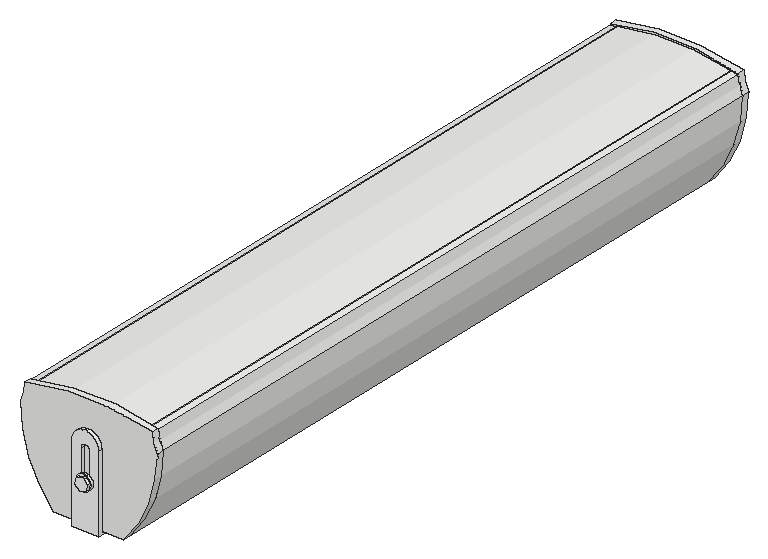
Revit family "Electronics_Desono_Biamp_Two-Way-Column-Loudspeaker_COLW41", category Communication Devices, host Face, Revit 2020
Family settings
  Host = Face
  Maintain Annotation Orientation = No
  Round Connector Dimension = Use Diameter
  Part Type = Normal
  OmniClass Number = 23.85.10.11.14.14.14
  OmniClass Title = Loudspeakers
  Cut with Voids When Loaded = No
  Shared = No
  Room Calculation Point = No
Parameters (values of type "COLW41")
  Width = 0' - 3.93701"  # constant formula
  Weight = 8.59803 lbf  # constant formula
  URL = "https://www.biamp.com/"
  Transformer = "70V: 40W, 20W, 15W, 7.5W; 100V: 40W, 30W, 15W"  # constant formula
  Transducers = "LF 4 x 3.3 (84 mm) coated paper cone HF 1 x 1 (25 mm) soft dome"  # constant formula
  Shipping Weight = 9.20 lbf  # constant formula
  Rotate angle [instance] = 0.00°
  Recommended Amplifers = "40W - 80W @ 16Ω (25V - 36V)"  # constant formula
  Product data url = "https://www.bimobject.com/biamp/product/colw41_desono-column"
  Product Page URL = "https://www.biamp.com/products/product-families/desono/column-loudspeakers#colw41"
  Product Documentation Link = "https://downloads.biamp.com/assets/docs/default-source/data-sheets/biamp_data_sheet_desono_colw41_jun21.pdf"
  Operating Range (-10dB) = "155 Hz to 16 kHz"  # constant formula
  Operating Mode = "Passive"  # constant formula
  Operating Environment = "Indoor/Outdoor"  # constant formula
  Offset [instance] = 0' - 0"
  Nominal Sensitivity @ 1m = "1W - 94dB; 2.83V - 91dB"  # constant formula
  Nominal Maximum SPL @ 1m = "Peak - 116dB; Continuous - 110dB"  # constant formula
  Nominal Beamwidth (H x V) = "100° x 15°"  # constant formula
  Nom rotate angle [instance] = if(and(Nom offset = 0' 0", Rotate angle = 0.00°), 0.00°, if(and(Nom offset = 0' 0.03937", or(Rotate angle < -5.00°, Rotate angle = -5.00°)), -5.00°, if(and(Nom offset = 0' 0.03937", and(Rotate angle > -5.00°, Rotate angle < 5.00°)), Rotate angle, if(and(Nom offset = 0' 0.03937", or(Rotate angle > 5.00°, Rotate angle = 5.00°)), 5.00°, if(and(and(Nom offset > 0' 0.03937", Nom offset < 0' 0.15748"), or(Rotate angle < -10.00°, Rotate angle = -10.00°)), -10.00°, if(and(and(Nom offset > 0' 0.03937", Nom offset < 0' 0.15748"), and(Rotate angle > -10.00°, Rotate angle < 10.00°)), Rotate angle, if(and(and(Nom offset > 0' 0.03937", Nom offset < 0' 0.15748"), or(Rotate angle > 10.00°, Rotate angle = 10.00°)), 10.00°, if(and(Nom offset = 0' 0.15748", or(Rotate angle < -15.00°, Rotate angle = -15.00°)), -15.00°, if(and(Nom offset = 0' 0.15748", and(Rotate angle > -15.00°, Rotate angle < 15.00°)), Rotate angle, if(and(Nom offset = 0' 0.15748", or(Rotate angle > 15.00°, Rotate angle = 15.00°)), 15.00°, if(and(and(Nom offset > 0' 0.15748", Nom offset < 0' 0.31496"), or(Rotate angle < -20.00°, Rotate angle = -20.00°)), -20.00°, if(and(and(Nom offset > 0' 0.15748", Nom offset < 0' 0.31496"), and(Rotate angle > -20.00°, Rotate angle < 20.00°)), Rotate angle, if(and(and(Nom offset > 0' 0.15748", Nom offset < 0' 0.31496"), or(Rotate angle > 20.00°, Rotate angle = 20.00°)), 20.00°, if(and(Nom offset = 0' 0.31496", or(Rotate angle < -25.00°, Rotate angle = -25.00°)), -25.00°, if(and(Nom offset = 0' 0.31496", and(Rotate angle > -25.00°, Rotate angle < 25.00°)), Rotate angle, if(and(Nom offset = 0' 0.31496", or(Rotate angle > 25.00°, Rotate angle = 25.00°)), 25.00°, if(and(Nom offset = 0' 0.35433", or(Rotate angle < -60.00°, Rotate angle = -60.00°)), -60.00°, if(and(Nom offset = 0' 0.35433", and(Rotate angle > -60.00°, Rotate angle < 60.00°)), Rotate angle, if(and(Nom offset = 0' 0.35433", or(Rotate angle > 60.00°, Rotate angle = 60.00°)), 60.00°, if(and(Nom offset = 0' 0.3937", or(Rotate angle < -65.00°, Rotate angle = -65.00°)), -65.00°, if(and(Nom offset = 0' 0.3937", and(Rotate angle > -65.00°, Rotate angle < 65.00°)), Rotate angle, if(and(Nom offset = 0' 0.3937", or(Rotate angle > 65.00°, Rotate angle = 65.00°)), 65.00°, if(and(Nom offset = 0' 0.43307", or(Rotate angle < -70.00°, Rotate angle = -70.00°)), -70.00°, if(and(Nom offset = 0' 0.43307", and(Rotate angle > -70.00°, Rotate angle < 70.00°)), Rotate angle, if(and(Nom offset = 0' 0.43307", or(Rotate angle > 70.00°, Rotate angle = 70.00°)), 70.00°, if(and(Nom offset = 0' 0.47244", or(Rotate angle < -75.00°, Rotate angle = -75.00°)), -75.00°, if(and(Nom offset = 0' 0.47244", and(Rotate angle > -75.00°, Rotate angle < 75.00°)), Rotate angle, if(and(Nom offset = 0' 0.47244", or(Rotate angle > 75.00°, Rotate angle = 75.00°)), 75.00°, if(and(and(Nom offset > 0' 0.47244", Nom offset < 0' 0.59055"), or(Rotate angle < -80.00°, Rotate angle = -80.00°)), -80.00°, if(and(and(Nom offset > 0' 0.47244", Nom offset < 0' 0.59055"), and(Rotate angle > -80.00°, Rotate angle < 80.00°)), Rotate angle, if(and(and(Nom offset > 0' 0.47244", Nom offset < 0' 0.59055"), or(Rotate angle > 80.00°, Rotate angle = 80.00°)), 80.00°, if(and(and(Nom offset > 0' 0.55118", Nom offset < 0' 0.70866"), or(Rotate angle < -85.00°, Rotate angle = -85.00°)), -85.00°, if(and(and(Nom offset > 0' 0.55118", Nom offset < 0' 0.70866"), and(Rotate angle > -85.00°, Rotate angle < 85.00°)), Rotate angle, if(and(and(Nom offset > 0' 0.55118", Nom offset < 0' 0.70866"), or(Rotate angle > 85.00°, Rotate angle = 85.00°)), 85.00°, if(and(and(Nom offset > 0' 0.66929", Nom offset < 0' 0.81496"), or(Rotate angle < -90.00°, Rotate angle = -90.00°)), -90.00°, if(and(and(Nom offset > 0' 0.66929", Nom offset < 0' 0.81496"), and(Rotate angle > -90.00°, Rotate angle < 90.00°)), Rotate angle, if(and(and(Nom offset > 0' 0.66929", Nom offset < 0' 0.81496"), or(Rotate angle > 90.00°, Rotate angle = 90.00°)), 90.00°, 0.00°)))))))))))))))))))))))))))))))))))))  # 0.00°
  Nom offset [instance] = if(or(Offset < 0' 0", Offset = 0' 0"), 0' 0", if(and(Offset > 0' 0", Offset < 0' 0.81102"), Offset, if(or(Offset > 0' 0.81102", Offset = 0' 0.81102"), 0' 0.81102", 0' 0")))  # 0' - 0"
  Mounting Provisions = "Adjustable tilt L-bracket"  # constant formula
  Model = "COLW41"  # constant formula
  Manufacturer = "Biamp"  # constant formula
  Input Connection = "Multi-position pass-through, screw-down terminal block"  # constant formula
  Housing Material = Biamp - Plastic - White
  Height = 1' - 9.85039"  # constant formula
  Grill Material = Biamp - Plastic - White(Grid)
  Environmental = "IP66 per IEC 60529"  # constant formula
  Description = "Desono™ COLW41 Two-Way 4 x 3.3 Column Loudspeaker"  # constant formula
  Depth = 0' - 3.26772"  # constant formula
  Default Elevation = 4' - 0"
  Controls = "None; select transformer tap or low impedance input via terminal block wiring"  # constant formula
  Continuous Power Handling Nominal Impedance = "25V; 40W @ 16Ω (160W peak)"  # constant formula
  Connector Description = "Terminal block; Low impedance 16 ohms; 70V/100V operation"  # constant formula
  Bracket Material = Biamp - Metal - White
Reference planes (in)
  plane 1 "Center (Front/Back)": y = 0
  plane 2: z = 0
  plane 3 "Center (Left/Right)": x = 0
  plane 4: z = 1.28516
  plane 5: z = 1.28516
Forms (in)
  Sweep 1, solid, material "Biamp - Metal - White" <- "Bracket Material", detail levels coarse
    path origin (0, 0, 0) x (1, 0, 0) y (0, 1, 0)
      loop
        line (0.3937, 0) -> (-0.3937, 0)
    profile origin (0, 0, 0) x (0, -1, 0) y (0, 0, 1)
      loop
        line (-10.76772, 0) -> (-7.69685, 0) -> (-7.69685, 0.07874) -> (-10.68898, 0.07874) -> (-10.68898, 2.61565) -> (-10.76772, 2.61565) -> (-10.76772, 0)
      loop
        line (10.76772, 0) -> (10.76772, 2.61565) -> (10.68898, 2.61565) -> (10.68898, 0.07874) -> (7.69685, 0.07874) -> (7.69685, 0) -> (10.76772, 0)
  Sweep 2, solid, material "Biamp - Metal - White" <- "Bracket Material", detail levels medium+fine
    path origin (0, 0, 0) x (1, 0, 0) y (0, 1, 0)
      loop
        line (0.3937, 0) -> (-0.3937, 0)
    profile origin (0, 0, 0) x (0, -1, 0) y (0, 0, 1)
      loop
        line (-10.76772, 0) -> (-7.69685, 0) -> (-7.69685, 0.07874) -> (-10.68898, 0.07874) -> (-10.68898, 2.61565) -> (-10.76772, 2.61565) -> (-10.76772, 0)
      loop
        line (10.76772, 0) -> (10.76772, 2.61565) -> (10.68898, 2.61565) -> (10.68898, 0.07874) -> (7.69685, 0.07874) -> (7.69685, 0) -> (10.76772, 0)
  Sweep 3, void
    path origin (0, 0, 0) x (1, 0, 0) y (0, 1, 0)
      loop
        line (0, -14.38976) -> (0, 14.38976)
    profile origin (0, 0, 0) x (-1, 0, 0) y (0, 0, 1)
      loop
        line (0.3937, 2.22195) -> (0.7874, 2.73406) -> (-0.7874, 2.73406) -> (-0.3937, 2.22195)
        arc (-0.3937, 2.22195) -> (0, 2.61565) -> (0.3937, 2.22195) r 0.3937
  Sweep 4, void
    path origin (0, 0, 0) x (1, 0, 0) y (0, 1, 0)
      loop
        line (0, -14.38976) -> (0, 14.38976)
    profile origin (0, 0, 0) x (-1, 0, 0) y (0, 0, 1)
      loop
        line (0.11834, 1.25419) -> (0.11834, 2.12889)
        arc (0.11834, 2.12889) -> (0, 2.24723) -> (-0.11834, 2.12889) r 0.11834
        line (-0.11834, 2.12889) -> (-0.11834, 1.25419)
        arc (-0.11834, 1.25419) -> (0, 1.13584) -> (0.11834, 1.25419) r 0.11834
  Revolve 5, solid, material "Biamp - Metal - White" <- "Bracket Material"
    sketch origin (0, 0, 0) x (0, 1, 0) y (0, 0, 1)
      loop
        line (10.54829, 1.28516) -> (10.83465, 1.28516) -> (10.83465, 1.50524) -> (10.76772, 1.50524) -> (10.76772, 1.34602) -> (10.54829, 1.34602) -> (10.54829, 1.28516)
      loop
        line (-10.54829, 1.28516) -> (-10.54829, 1.34602) -> (-10.76772, 1.34602) -> (-10.76772, 1.50524) -> (-10.83465, 1.50524) -> (-10.83465, 1.28516) -> (-10.54829, 1.28516)
      axis (-10.83465, 1.28516) -> (10.83465, 1.28516)
    angle from 0 to 360
  Sweep 6, solid, material "Biamp - Metal - White" <- "Bracket Material", detail levels medium+fine
    path origin (0, 2.69685, 0) x (0, 1, 0) y (0, 0, 1)
      loop
        line (8.13779, 1.28516) -> (8.21091, 1.28516)
    profile origin (0, 10.8712, 1.28516) x (0, 0, 1) y (1, 0, 0)
      loop
        line (0.05002, 0.18667) -> (-0.13665, 0.13665) -> (-0.18667, -0.05002) -> (-0.05002, -0.18667) -> (0.13665, -0.13665) -> (0.18667, 0.05002) -> (0.05002, 0.18667)
  Sweep 7, solid, material "Biamp - Metal - White" <- "Bracket Material", detail levels medium+fine
    path origin (0, -2.69685, 0) x (0, -1, 0) y (0, 0, 1)
      loop
        line (8.13779, 1.28516) -> (8.21091, 1.28516)
    profile origin (0, -10.8712, 1.28516) x (0, 0, -1) y (1, 0, 0)
      loop
        line (-0.05002, 0.18667) -> (-0.18667, 0.05002) -> (-0.13665, -0.13665) -> (0.05002, -0.18667) -> (0.18667, -0.05002) -> (0.13665, 0.13665) -> (-0.05002, 0.18667)
Cuts and joins
  Sweep 3, Sweep 4 cuts Sweep 2
  Sweep 4 cuts Sweep 1
Lines and regions (in)
  Masking region 1
    outline origin (0, 0, 0) x (1, 0, 0) y (0, 0, 1)
      loop
        line (-0.3937, 0) -> (0.3937, 0) -> (0.3937, 2.22195)
        arc (0.3937, 2.22195) -> (0, 2.61565) -> (-0.3937, 2.22195) r 0.3937
        line (-0.3937, 2.22195) -> (-0.3937, 0)
      loop
        line (0.11834, 1.25419) -> (0.11834, 2.12889)
        arc (0.11834, 2.12889) -> (0, 2.24723) -> (-0.11834, 2.12889) r 0.11834
        line (-0.11834, 2.12889) -> (-0.11834, 1.25419)
        arc (-0.11834, 1.25419) -> (0, 1.13584) -> (0.11834, 1.25419) r 0.11834
  Masking region 2
    outline origin (0, 0, 0) x (1, 0, 0) y (0, 1, 0)
      loop
        line (-0.3937, 10.84646) -> (-0.3937, 7.77559) -> (0.3937, 7.77559) -> (0.3937, 10.84646) -> (-0.3937, 10.84646)
      loop
        line (-0.3937, -10.84646) -> (0.3937, -10.84646) -> (0.3937, -7.77559) -> (-0.3937, -7.77559) -> (-0.3937, -10.84646)
  Masking region 3
    outline origin (0, 0, 1.28516) x (0, 0, 1) y (-1, 0, 0)
      loop
        circle (0, 0) r 0.22008
  reference lines
    curve 1: line (0, 0, 1.28516) -> (0, 0, 4.82846)
  model lines
    curve 2: line (0, 0, 1.13584) -> (0, 0, 1.28516)
    curve 3: line (0, 0, 2.24723) -> (0, 0, 2.09792)
    curve 4: line (0, 0, 1.28516) -> (0, 0, 1.13584)
    curve 5: line (0, 0, 2.24723) -> (0, 0, 2.09792)
    curve 6: line (0, 0, 2.09792) -> (0, 0, 2.24723)
Dimensions and locks (in)
  Masking region 1 sketch curve to Masking region 1 sketch curve = 0' - 2.22195"
  plane 2 to Masking region 1 sketch curve = 0' - 1.25419"
  "Nom offset": plane 4 to plane 5
  "Nom rotate angle": angle curve 1 to plane 3 "Center (Left/Right)"
  aligned and locked: plane 2 to host face
  aligned and locked: level to host face
  aligned and locked: plane 3 "Center (Left/Right)" to curve 1
  aligned and locked: plane 4 to curve 1
  aligned and locked: Sweep 7 sketch curve to plane 4
Automatic sketch dimensions
  host sketch curve to host sketch curve = 8' - 0"  (x2)
  plane 1 "Center (Front/Back)" to Sweep 1 sketch curve = 0' - 0"
  Sweep 1 sketch curve to plane 3 "Center (Left/Right)" = 0' - 0.3937"
  plane 3 "Center (Left/Right)" to Sweep 1 sketch curve = 0' - 0.3937"
  Sweep 1 sketch curve to level = 0' - 0"  (x2)
  level to Sweep 1 sketch curve = 0' - 2.61565"
  profile plane to Sweep 1 sketch curve = 0' - 10.76772"
  Sweep 1 sketch curve to Sweep 1 sketch curve = 0' - 0.07874"  (x2)
  level to Sweep 1 sketch curve = 0' - 0.07874"  (x2)
  Sweep 1 sketch curve to Sweep 1 sketch curve = 0' - 2.99213"  (x2)
  Sweep 1 sketch curve to profile plane = 0' - 7.69685"
  Sweep 1 sketch curve to Sweep 1 sketch curve = 0' - 2.53691"
  plane 1 "Center (Front/Back)" to Sweep 2 sketch curve = 0' - 0"
  Sweep 2 sketch curve to plane 3 "Center (Left/Right)" = 0' - 0.3937"
  plane 3 "Center (Left/Right)" to Sweep 2 sketch curve = 0' - 0.3937"
  Sweep 2 sketch curve to level = 0' - 0"  (x2)
  level to Sweep 2 sketch curve = 0' - 2.61565"
  profile plane to Sweep 2 sketch curve = 0' - 10.76772"
  Sweep 2 sketch curve to Sweep 2 sketch curve = 0' - 0.07874"  (x2)
  level to Sweep 2 sketch curve = 0' - 0.07874"  (x2)
  Sweep 2 sketch curve to Sweep 2 sketch curve = 0' - 2.99213"  (x2)
  Sweep 2 sketch curve to profile plane = 0' - 7.69685"
  Sweep 2 sketch curve to Sweep 2 sketch curve = 0' - 2.53691"
  Sweep 3 sketch curve to profile plane = 0' - 0"
  profile plane to Sweep 3 sketch curve = 0' - 0.3937"
  Sweep 3 sketch curve to Sweep 3 sketch curve = 0' - 0.3937"  (x2)
  level to Sweep 3 sketch curve = 0' - 2.22195"
  Sweep 3 sketch curve to Sweep 3 sketch curve = 0' - 0.51211"
  Sweep 4 sketch curve to plane 3 "Center (Left/Right)" = 0' - 0"
  plane 1 "Center (Front/Back)" to Sweep 4 sketch curve = 1' - 2.38976"
  Sweep 4 sketch curve to plane 1 "Center (Front/Back)" = 1' - 2.38976"
  Sweep 4 sketch curve to profile plane = 0' - 0"
  profile plane to Sweep 4 sketch curve = 0' - 0.11834"
  level to Sweep 4 sketch curve = 0' - 1.25419"
  Sweep 4 sketch curve to Sweep 4 sketch curve = 0' - 0.8747"
  Revolve 5 sketch curve to plane 4 = 0' - 0"  (x3)
  plane 1 "Center (Front/Back)" to Revolve 5 sketch curve = 0' - 10.83465"
  Revolve 5 sketch curve to Revolve 5 sketch curve = 0' - 0.06693"  (x2)
  Revolve 5 sketch curve to Revolve 5 sketch curve = 0' - 0.21943"  (x2)
  Revolve 5 sketch curve to plane 1 "Center (Front/Back)" = 0' - 10.54829"
  plane 4 to Revolve 5 sketch curve = 0' - 0.06086"  (x2)
  Revolve 5 sketch curve to Revolve 5 sketch curve = 0' - 0.15922"  (x2)
  Revolve 5 sketch curve to Revolve 5 sketch curve = 0' - 2.83175"
  Revolve 5 sketch curve to Revolve 5 sketch curve = 0' - 2.52756"
  Sweep 6 sketch curve to plane 4 = 0' - 0"
  Sweep 6 sketch curve to plane 1 "Center (Front/Back)" = 0' - 10.83465"
  Sweep 6 sketch curve to Sweep 6 sketch curve = 0' - 0.07312"
  Sweep 6 sketch curve to plane 3 "Center (Left/Right)" = 0' - 0.05002"
  profile plane to Sweep 6 sketch curve = 0' - 0.18667"
  profile plane to Sweep 6 sketch curve = 0' - 0.13665"
  profile plane to Sweep 6 sketch curve = 0' - 0.05002"
  Sweep 6 sketch curve to profile plane = 0' - 0.05002"
  Sweep 6 sketch curve to profile plane = 0' - 0.13665"
  plane 3 "Center (Left/Right)" to Sweep 6 sketch curve = 0' - 0.05002"
  Sweep 6 sketch curve to profile plane = 0' - 0.18667"
  Sweep 6 sketch curve to plane 3 "Center (Left/Right)" = 0' - 0.13665"
  Sweep 6 sketch curve to plane 3 "Center (Left/Right)" = 0' - 0.18667"
  plane 3 "Center (Left/Right)" to Sweep 6 sketch curve = 0' - 0.13665"
  plane 3 "Center (Left/Right)" to Sweep 6 sketch curve = 0' - 0.18667"
  Sweep 7 sketch curve to plane 1 "Center (Front/Back)" = 0' - 10.83465"
  Sweep 7 sketch curve to Sweep 7 sketch curve = 0' - 0.07312"
  plane 3 "Center (Left/Right)" to Sweep 7 sketch curve = 0' - 0.05002"
  profile plane to Sweep 7 sketch curve = 0' - 0.18667"
  profile plane to Sweep 7 sketch curve = 0' - 0.13665"
  profile plane to Sweep 7 sketch curve = 0' - 0.05002"
  Sweep 7 sketch curve to profile plane = 0' - 0.05002"
  Sweep 7 sketch curve to profile plane = 0' - 0.13665"
  Sweep 7 sketch curve to plane 3 "Center (Left/Right)" = 0' - 0.05002"
  Sweep 7 sketch curve to profile plane = 0' - 0.18667"
  Sweep 7 sketch curve to plane 3 "Center (Left/Right)" = 0' - 0.13665"
  Sweep 7 sketch curve to plane 3 "Center (Left/Right)" = 0' - 0.18667"
  plane 3 "Center (Left/Right)" to Sweep 7 sketch curve = 0' - 0.13665"
  plane 3 "Center (Left/Right)" to Sweep 7 sketch curve = 0' - 0.18667"
  Masking region 1 sketch curve to level = 0' - 0"
  Masking region 1 sketch curve to plane 3 "Center (Left/Right)" = 0' - 0.3937"
  Masking region 1 sketch curve to plane 3 "Center (Left/Right)" = 0' - 0"  (x2)
  Sweep 3 sketch curve to plane 3 "Center (Left/Right)" = 0' - 0"
  plane 1 "Center (Front/Back)" to Sweep 3 sketch curve = 1' - 2.38976"
  Sweep 3 sketch curve to plane 1 "Center (Front/Back)" = 1' - 2.38976"
  Masking region 2 sketch curve to plane 3 "Center (Left/Right)" = 0' - 0.3937"  (x2)
  plane 3 "Center (Left/Right)" to Masking region 2 sketch curve = 0' - 0.3937"  (x2)
  plane 1 "Center (Front/Back)" to Masking region 2 sketch curve = 0' - 10.84646"
  Masking region 2 sketch curve to Masking region 2 sketch curve = 0' - 3.07087"  (x2)
  Masking region 2 sketch curve to plane 1 "Center (Front/Back)" = 0' - 7.77559"
  Masking region 1 sketch curve to Masking region 1 sketch curve = 0' - 0.11834"
  Masking region 1 sketch curve to Masking region 1 sketch curve = 0' - 0.09306"
  Masking region 3 sketch curve to curve 1 = 0' - 0"  (x2)
  curve 3 to plane 3 "Center (Left/Right)" = 0' - 0"
  curve 2 to curve 5 = 0' - 0.81276"
  curve 2 to plane 4 = 0' - 0.14932"
  curve 4 to curve 2 = 0' - 0"
  curve 3 to curve 3 = 0' - 0.14932"
  curve 5 to curve 3 = 0' - 0"
  curve 6 to curve 3 = 0' - 0"
  curve 2 to plane 3 "Center (Left/Right)" = 0' - 0"
  curve 4 to plane 4 = 0' - 0"
  radius of Masking region 3 sketch curve = 0' - 0.22008"
Nested families (in)
  nested 1: "COLW41" at (0, 0, 0.10049), Housing Material <- "Housing Material", Grill <- "Grill Material", type "COLW41"
    with Housing Material Biamp - Plastic - White, Grill Biamp - Plastic - White(Grid)
Connectors (in)
  electrical at (0.00001, -6.39764, 0.1477), driven by "Connector Description"
    settings: on nested 1, index 1, voltage 0 V, apparent load 0 VA, apparent load phase1 0 VA, apparent load phase2 0 VA, apparent load phase3 0 VA, power factor 1, load classification "Other", number of poles 1, system type 5, power factor state 1, is connector primary yes, connector utility no, sub classification motor no, connector description "Terminal block; Low impedance 16 ohms; 70V/100V operation"
Definition of nested family "COLW41"
  Parameters (values of type "COLW41")
    Housing Material [instance] = none
    Grill [instance] = none
    Default Elevation = 4' - 0"
  Reference planes (in)
    plane 1 "Center (Front/Back)": y = 0
    plane 2: z = 0
    plane 3 "Center (Left/Right)": x = 0
  Forms (in)
    Extrusion 1, solid, material <- "Housing Material", detail levels medium+fine
      sketch origin (0, 0, 0) x (1, 0, 0) y (0, 0, 1)
        loop
          arc (1.9773, 2.53036) -> (1.88361, 2.76863) -> (1.8368, 3.02034) r 1.34432
          arc (1.8368, 3.02034) -> (0, 3.25102) -> (-1.8368, 3.02034) r 7.42829
          arc (-1.8368, 3.02034) -> (-1.88361, 2.76863) -> (-1.9773, 2.53036) r 1.34432
          arc (-1.9773, 2.53036) -> (-1.73064, 1.17745) -> (-1.02013, 0) r 3.81351
          line (-1.02013, 0) -> (1.02013, 0)
          arc (1.02013, 0) -> (1.73064, 1.17745) -> (1.9773, 2.53036) r 3.81351
      from -10.45276 to 10.45276
    Extrusion 2, solid, material <- "Housing Material", detail levels medium+fine
      sketch origin (0, 0, 0) x (1, 0, 0) y (0, 0, 1)
        loop
          arc (1.9773, 2.53036) -> (1.87854, 2.7868) -> (1.83399, 3.05797) r 1.34432
          arc (1.83399, 3.05797) -> (0, 3.28793) -> (-1.83399, 3.05797) r 7.42829
          arc (-1.83399, 3.05797) -> (-1.87854, 2.7868) -> (-1.9773, 2.53036) r 1.34432
          arc (-1.9773, 2.53036) -> (-1.73064, 1.17745) -> (-1.02013, 0) r 3.81351
          line (-1.02013, 0) -> (1.02013, 0)
          arc (1.02013, 0) -> (1.73064, 1.17745) -> (1.9773, 2.53036) r 3.81351
      from 10.45276 to 10.64961
    Extrusion 3, solid, material <- "Housing Material", detail levels medium+fine
      sketch origin (0, 0, 0) x (1, 0, 0) y (0, 0, 1)
        loop
          line (-1.02013, 0) -> (1.02013, 0)
          arc (1.02013, 0) -> (1.73064, 1.17745) -> (1.9773, 2.53036) r 3.81351
          arc (1.9773, 2.53036) -> (1.87854, 2.7868) -> (1.83399, 3.05797) r 1.34432
          arc (1.83399, 3.05797) -> (0, 3.28793) -> (-1.83399, 3.05797) r 7.42829
          arc (-1.83399, 3.05797) -> (-1.87854, 2.7868) -> (-1.9773, 2.53036) r 1.34432
          arc (-1.9773, 2.53036) -> (-1.73064, 1.17745) -> (-1.02013, 0) r 3.81351
      from -10.64961 to -10.45276
    Extrusion 4, solid, material <- "Housing Material", detail levels coarse
      sketch origin (0, 0, 0) x (1, 0, 0) y (0, 0, 1)
        loop
          arc (1.9773, 2.53036) -> (1.88361, 2.76863) -> (1.8368, 3.02034) r 1.34432
          arc (1.8368, 3.02034) -> (0, 3.25102) -> (-1.8368, 3.02034) r 7.42829
          arc (-1.8368, 3.02034) -> (-1.88361, 2.76863) -> (-1.9773, 2.53036) r 1.34432
          arc (-1.9773, 2.53036) -> (-1.73064, 1.17745) -> (-1.02013, 0) r 3.81351
          line (-1.02013, 0) -> (1.02013, 0)
          arc (1.02013, 0) -> (1.73064, 1.17745) -> (1.9773, 2.53036) r 3.81351
      from -10.64961 to 10.64961
    Extrusion 5, void
      sketch origin (0, 0, 0) x (1, 0, 0) y (0, 1, 0)
        loop
          line (-1.63995, -10.45276) -> (1.63995, -10.45276) -> (1.63995, 10.45276) -> (-1.63995, 10.45276) -> (-1.63995, -10.45276)
      from 2.94063 to 3.58187
    Extrusion 6, solid, material <- "Grill", detail levels medium+fine
      sketch origin (0, -10.64961, 0) x (1, 0, 0) y (0, 0, 1)
        loop
          arc (1.63995, 3.06773) -> (0, 3.25102) -> (-1.63995, 3.06773) r 7.42829
          line (-1.63995, 3.06773) -> (-1.63995, 2.98698)
          arc (-1.63995, 2.98698) -> (0, 3.17228) -> (1.63995, 2.98698) r 7.34955
          line (1.63995, 2.98698) -> (1.63995, 3.06773)
      from -21.10236 to -0.19685
    Extrusion 7, void
      sketch origin (-0.71874, -0.59055, 0) x (-1, 0, 0) y (0, -1, 0)
        loop
          circle (-0.71875, 5.80709) r 0.19685
      from 0 to 0.04722
  Cuts and joins
    Extrusion 5, Extrusion 7 cuts Extrusion 1
    Extrusion 7 cuts Extrusion 4
    Extrusion 7 cuts Extrusion 6
  Lines and regions (in)
    Masking region 1
      outline origin (0, 0, 0) x (1, 0, 0) y (0, 1, 0)
        loop
          line (-1.9773, 10.64961) -> (-1.9773, 10.45276) -> (1.9773, 10.45276) -> (1.9773, 10.64961) -> (-1.9773, 10.64961)
        loop
          line (-1.9773, -10.45276) -> (-1.9773, -10.64961) -> (1.9773, -10.64961) -> (1.9773, -10.45276) -> (-1.9773, -10.45276)
    Masking region 2
      outline origin (0, 0, 0) x (1, 0, 0) y (0, 1, 0)
        loop
          line (-1.8368, 10.45276) -> (-1.8368, -10.45276) -> (1.8368, -10.45276) -> (1.8368, 10.45276) -> (-1.8368, 10.45276)
    Masking region 3
      outline origin (0, 0, 0) x (1, 0, 0) y (0, 1, 0)
        loop
          line (-1.9773, 10.45276) -> (-1.9773, -10.45276) -> (1.9773, -10.45276) -> (1.9773, 10.45276) -> (-1.9773, 10.45276)
    Masking region 4
      outline origin (0, 0, 0) x (1, 0, 0) y (0, 0, 1)
        loop
          arc (-1.9773, 2.53036) -> (-1.73064, 1.17745) -> (-1.02013, 0) r 3.81351
          line (-1.02013, 0) -> (1.02013, 0)
          arc (1.02013, 0) -> (1.73064, 1.17745) -> (1.9773, 2.53036) r 3.81351
          arc (1.9773, 2.53036) -> (1.87854, 2.7868) -> (1.83399, 3.05797) r 1.34432
          arc (1.83399, 3.05797) -> (0, 3.28793) -> (-1.83399, 3.05797) r 7.42829
          arc (-1.83399, 3.05797) -> (-1.87854, 2.7868) -> (-1.9773, 2.53036) r 1.34432
  Dimensions and locks (in)
    aligned and locked: level to plane 2
